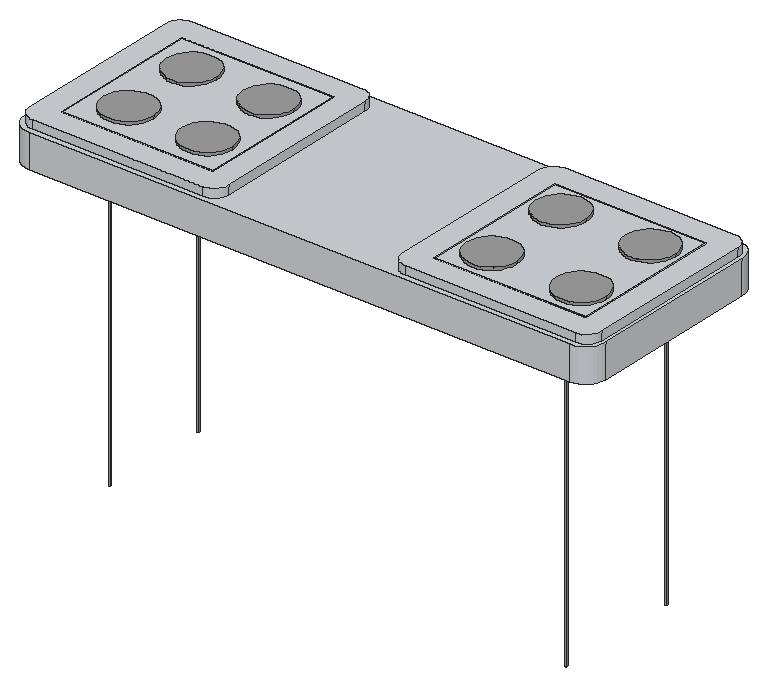
Revit family "Lighting-Industriale-GEWISS-SMART[4]ATEX_APPARECCHI-LED_2M", category Apparecchi per illuminazione, Revit 2019
Family settings
  Quota connettore circolare = Usa diametro
  Tipo di parte = Normale
  Numero OmniClass = 23.80.70.00
  Titolo OmniClass = Lighting
  Basato su piano di lavoro = Sì
  Sempre verticale = No
  Taglio con vuoti quando caricato = No
  Sorgente d'illuminazione = No
  Condiviso = No
  Punto di calcolo locali = No
Parameters (values of type "GWS4220FP857 - SMART4HB 2M S.AL.ON/OFF ATEX 90° 57K")
  Voltaggio = 230 V
  Viti esterne = "Acciaio inox"
  Versione file RFA = "20.11"
  Vano di alimentazione = "Integrato"
  URL = "https://www.gewiss.com/it/it"
  Tolleranza cromatica = "SDCM = 3"
  Tipologia sorgente luminosa = "LED - Non sostituibile"
  Tipo di installazione e montaggio = "Plafone - Parete - Sospensione"
  Tipo di apparecchio = "Riflettore industriale a LED&nbsp;"
  Tensione di alimentazione = "220 - 240 V"
  Temperatura di stoccaggio = "-40 +70 °C"
  Temperatura di esercizio = "+5°C / +40 °C"
  Temperatura di colore = "5700K"
  Superficie massima esposta al vento : = "0,184 m²"
  Spostamento_y_etichetta [instance] = 0 mm
  Spostamento_y_effettivo_etichetta [instance] = 1500 mm - Spostamento_y_etichetta  # 1500 mm
  Spostamento_x_etichetta [instance] = 0 mm
  Spostamento_X_effettivo_etichetta [instance] = 1500 mm - Spostamento_x_etichetta  # 1500 mm
  SostituibilitÃ  piastra di cablaggio = "Non sostituibile"
  SostituibilitÃ  gruppo ottico = "Non sostituibile"
  Sistema di controllo : = "ON / OFF"
  Sistema di controllo = "ON / OFF"
  Schermo = "Vetro Temprato Spessore 4mm"
  Scheda Tecnica = "https://www.gewiss.com/it/it/search?q=GWS4220FP857"
  Resistenza al filo incandescente = "850 °C"
  Resistenza agli urti = "IK08"
  Produttore = "GEWISS S.p.A."
  Potenza di sistema = "127W"
  Peso (kg): = "6"
  Ottica = "90°"
  Offset etichetta W [instance] = 150 mm
  Norma di riferimento = "EN 60079-0 ; EN 60079-15 ; EN 60079-31 ; EN 60598-1 ; EN 60598-2-1"
  Modello = "GWS4220FP857"
  Materiali = "-"
  Lumen output (lm) = "17800"
  Lampada = "LED"
  Installazione e manutenzione = "-"
  Informazioni generali = "-"
  Indice di resa cromatica = "CRI-80"
  Inclinazione = "Con accessorio staffa"
  Immagine tipo = GWL1311.jpg
  IPEA = "-"
  IFC.TypeObject = ""
  IFC.ExportType = ""
  IFC.ExportAs = ""
  IDT = "0d6e297dac254e5297fa9efea3c4f430"
  IDF = "cfdaf824-1d78-457b-9a03-8eff00a507e5"
  Guarnizioni = "tipo siliconico antinvecchiamento "
  Gruppo ottico = "Riflettore in PC metallizzato e lenti in PMMA"
  Grado di protezione = "IP66"
  Garanzia = "5 anni"
  Gancio di chiusura = "-"
  Frequenza nominale (Hz) = "50/60 Hz"
  Fissaggio = "-"
  Finitura colore = "Grigio RAL 7035"
  Etichetta wattaggio [instance] = yes
  Trasformatore = none
  Struttura plafoniera = none
  Spessore plafoniera = 40 mm  # constant formula
  Default Elevation = 1219.2 mm  # constant formula
  Proiettsmart2_simb [instance] = yes
  Plafoniera bidimensionale [instance] = not(Proiettsmart2_simb)  # no
  Efficienza luminosa (lm/W) = "140"
  Durata di vita = "L90B10 (Tq+25°C) = 100.000 h - L90B10 (Tq+40°C) = 50.000 h"
  Dispositivo di protezione = "DM 6 kV / CM 10 kV"
  Descrizione = "SMART[4]HB 2M S.AL.ON/OFF ATEX 90° 57K"
  Creato da GEWISS S.p.A. = ""
  Corpo = "PA6 “Halogen Free” caricato fibra vetro"
  Controllo abbagliamento e luminanza = "UGR - 25"
  Contesto = "Illuminazione di logistiche e locali produttivi industriali"
  Commenti sul wattaggio = "97W"
  Colore = "Grigio RAL 7035"
  Codice digitale univoco (Datamatrix) = "Datamatrix"
  Codice Electrocod = "2444"
  Classificazione: = "ATEX: II 3 G Ex nR IIC T6 Gc - II 3 D Ex tc IIIC T65°C Dc"
  Classificazione = Lighting
  Classe isolamento = "I"
  Classe fotobiologica = "RG0"
  Certificazioni e classificazioni = "-"
  Certificazione DIN 18032-3 = "-"
  Catalogo = "LIGHTING"
  Carico apparente = 97 VA
  Motore = none
  Mascherina = none
  Lunghezza = 699 mm  # constant formula
  Larghezza = 254 mm  # constant formula
  Distanza_tot_plafoniera [instance] = 350 mm
  Dist_sorg_lum = 10 mm  # constant formula
  Caratteristiche ottiche e illuminotecniche = "-"
  Caratteristiche elettriche e gestione della luce = "-"
  Cablaggio = "Cablaggio singolo con cavo antirespirazione che esce da PG metallico (NO Connettore) "
  COBie.Tagnumber = ""
  COBie.CreatedOn = ""
  COBie.CreatebBy = ""
  COBie.ComponentRegisterItemID = ""
  COBie.Component.TagNumber = ""
  COBie.Component.Space = ""
  COBie.Component.SerialNumber = ""
  COBie.Component.InstallationDate = ""
  COBie.Component.Description = ""
  COBie.Component.BarCode = ""
  Applicazione = "Interno"
  Apparecchio a ridotta temperatura superficiale = "Si"
  Alimentatore = "Incluso"
Types (8, lengths in mm): name | Temperatura di colore | Scheda Tecnica | Peso (kg): | Ottica | Modello | Lumen output (lm) | IDT | Gruppo ottico | Efficienza luminosa (lm/W) | Descrizione | Controllo abbagliamento e luminanza
  GWS4220FA840 - SMART4HB 2M S.AL.ON/OFF ATEX ARR.40K | "4000K" | "https://www.gewiss.com/it/it/search?q=GWS4220FA840" | "6,5" | "Array" | "GWS4220FA840" | "17500" | "145ae9b732644a54846114dde6aa17f9" | "Riflettore in PC metallizzato" | "138" | "SMART[4]HB 2M S.AL.ON/OFF ATEX ARR.40K" | "UGR - 25"
  GWS4220FA857 - SMART4HB 2M S.AL.ON/OFF ATEX ARR.57K | "5700K" | "https://www.gewiss.com/it/it/search?q=GWS4220FA857" | "6,5" | "Array" | "GWS4220FA857" | "17500" | "e5235ec4fe3448939d46966a2583f97f" | "Riflettore in PC metallizzato" | "138" | "SMART[4]HB 2M S.AL.ON/OFF ATEX ARR.57K" | "UGR - 25"
  GWS4220FC840 - SMART4HB 2M S.AL.ON/OFF ATEX ASI.40K | "4000K" | "https://www.gewiss.com/it/it/search?q=GWS4220FC840" | "7" | "Asimmetrica" | "GWS4220FC840" | "15700" | "7e8ded990f2a41f4b0e1b0ac37571580" | "Riflettore in PC metallizzato e lenti in PMMA" | "124" | "SMART[4]HB 2M S.AL.ON/OFF ATEX ASI.40K" | "-"
  GWS4220FC857 - SMART4HB 2M S.AL.ON/OFF ATEX ASI.57K | "5700K" | "https://www.gewiss.com/it/it/search?q=GWS4220FC857" | "7" | "Asimmetrica" | "GWS4220FC857" | "15700" | "639a12f64741412ca9550f041f1e20d1" | "Riflettore in PC metallizzato e lenti in PMMA" | "124" | "SMART[4]HB 2M S.AL.ON/OFF ATEX ASI.57K" | "-"
  GWS4220FH840 - SMART4HB 2M S.AL.ON/OFF ATEX 60° 40K | "4000K" | "https://www.gewiss.com/it/it/search?q=GWS4220FH840" | "7" | "60°" | "GWS4220FH840" | "17500" | "0d2a67f43f22488c90d0d8242e475d42" | "Riflettore in PC metallizzato e lenti in PMMA" | "138" | "SMART[4]HB 2M S.AL.ON/OFF ATEX 60° 40K" | "UGR - 22"
  GWS4220FH857 - SMART4HB 2M S.AL.ON/OFF ATEX 60° 57K | "5700K" | "https://www.gewiss.com/it/it/search?q=GWS4220FH857" | "6" | "60°" | "GWS4220FH857" | "17500" | "a87fe1652cc24f1abd0e0ce565a15b44" | "Riflettore in PC metallizzato e lenti in PMMA" | "138" | "SMART[4]HB 2M S.AL.ON/OFF ATEX 60° 57K" | "UGR - 22"
  GWS4220FP840 - SMART4HB 2M S.AL.ON/OFF ATEX 90° 40K | "4000K" | "https://www.gewiss.com/it/it/search?q=GWS4220FP840" | "6" | "90°" | "GWS4220FP840" | "17800" | "d30f2f1f99ef41cc93133917fc0a0454" | "Riflettore in PC metallizzato e lenti in PMMA" | "140" | "SMART[4]HB 2M S.AL.ON/OFF ATEX 90° 40K" | "UGR - 25"
  GWS4220FP857 - SMART4HB 2M S.AL.ON/OFF ATEX 90° 57K | "5700K" | "https://www.gewiss.com/it/it/search?q=GWS4220FP857" | "6" | "90°" | "GWS4220FP857" | "17800" | "0d6e297dac254e5297fa9efea3c4f430" | "Riflettore in PC metallizzato e lenti in PMMA" | "140" | "SMART[4]HB 2M S.AL.ON/OFF ATEX 90° 57K" | "UGR - 25"
Reference planes
  plane 1 "Asse sorgente illuminazione (F/B)": y = 0
  plane 2: z = 0
  plane 3 "Asse sorgente illuminazione (L/R)": x = 0
  plane 4 "Prospetto sorgente di illuminazione": z = 1500
  plane 5: x = -349.5
  plane 6: y = 127
  plane 7: x = 349.5
  plane 8: y = -127
  plane 9: x = 344.5
  plane 10: x = -344.5
  plane 11: x = -104.5
  plane 12: x = 104.5
  plane 13: y = -1500
  plane 14: z = 390
  plane 15: z = 390
  plane 16: z = 400
  plane 17: z = 350
  plane 18: y = 0
  plane 19: x = -1500
  plane 20: x = 0
Dimensions and locks
  equal spacing: plane 6, plane 1 "Asse sorgente illuminazione (F/B)", plane 8
  "Larghezza": plane 6 to plane 8
  equal spacing: plane 5, plane 3 "Asse sorgente illuminazione (L/R)", plane 7
  "Lunghezza": plane 5 to plane 7
  locked: plane 5 to plane 10 at 5
  locked: plane 9 to plane 7 at 5
  locked: plane 16 to plane 14 at 10
  locked: plane 15 to plane 17 at 40
  "Distanza_tot_plafoniera": plane 17 to plane 2
  plane 1 "Asse sorgente illuminazione (F/B)" to plane 13 = 1500 mm
  "Spostamento_y_effettivo_etichetta": plane 18 to plane 13
  plane 19 to plane 3 "Asse sorgente illuminazione (L/R)" = 1500 mm
  "Spostamento_X_effettivo_etichetta": plane 19 to plane 20
  aligned and locked: level to plane 2
  aligned and locked: nested 15 to plane 14
  aligned and locked: plane 14 to nested 16
  aligned and locked: plane 16 to nested 8
  aligned and locked: nested 6 to plane 16
  aligned and locked: plane 16 to nested 7
  aligned and locked: nested 5 to plane 16
  aligned and locked: nested 3 to plane 16
  aligned and locked: plane 16 to nested 1
  aligned and locked: nested 4 to plane 16
  aligned and locked: plane 16 to nested 2
  aligned and locked: nested 11 to plane 2  (x2)
  aligned and locked: nested 10 to plane 2
  aligned and locked: nested 9 to plane 2
  aligned and locked: plane 14 to plane 15
  aligned and locked: plane 17 to nested 14
  aligned and locked: nested 17 to plane 18
  aligned and locked: nested 17 to plane 20
  aligned and locked: plane 2 to nested 18
  aligned and locked: plane 2 to nested 11
Nested families
  nested 1: "Gewis - Led" at (171.717, 52, 403), type "Gewis - Led", detail levels medium+fine
  nested 2: "Gewis - Led" at (279.5, 52, 403), type "Gewis - Led", detail levels medium+fine
  nested 3: "Gewis - Led" at (171.717, -52, 403), type "Gewis - Led", detail levels medium+fine
  nested 4: "Gewis - Led" at (279.5, -52, 403), type "Gewis - Led", detail levels medium+fine
  nested 5: "Gewis - Led" at (-174.5, 45, 403) x (-1, 0, 0) z (0, 0, 1), type "Gewis - Led", detail levels medium+fine
  nested 6: "Gewis - Led" at (-269.5, 47.625, 403) x (-1, 0, 0) z (0, 0, 1), type "Gewis - Led", detail levels medium+fine
  nested 7: "Gewis - Led" at (-174.5, -47.089, 403) x (-1, 0, 0) z (0, 0, 1), type "Gewis - Led", detail levels medium+fine
  nested 8: "Gewis - Led" at (-269.5, -47.089, 403) x (-1, 0, 0) z (0, 0, 1), type "Gewis - Led", detail levels medium+fine
  nested 9: "Sospensione_ SMART LAB 4" at (274.838, 81.5, 0), Altezza sospensione <- "Distanza_tot_plafoniera", type "Sospensione_ SMART LAB 4"
    with Altezza sospensione 350 mm, Default Elevation 350 mm
  nested 10: "Sospensione_ SMART LAB 4" at (274.838, -69, 0), Altezza sospensione <- "Distanza_tot_plafoniera", type "Sospensione_ SMART LAB 4"
    with Altezza sospensione 350 mm, Default Elevation 350 mm
  nested 11: "Sospensione_ SMART LAB 4" at (-276.662, -66.5, 0), Altezza sospensione <- "Distanza_tot_plafoniera", type "Sospensione_ SMART LAB 4"
    with Altezza sospensione 350 mm, Default Elevation 350 mm
  nested 12: "PROIETTSMART - 2" at (0, 0, 0), visible <- "Proiettsmart2_simb", type "PROIETTSMART - 2"
  nested 13: "Rappr_ bidimensionale_SMART (4)  4 + 4 L " at (0, 0, 0), visible <- "Plafoniera bidimensionale", type "SMART (4)  4 + 4 L_bidimensionale "
  nested 14: "Struttura_SMART 4" at (0, 0, 390), type "SMART 4 HB - 4+4L"
  nested 15: "mascherina_SMART (4)" at (-224.5, 0, 400) x (-1, 0, 0) z (0, 0, 1), type "Maschera_smart (4) 4L", detail levels fine
  nested 16: "mascherina_SMART (4)" at (224.5, 0, 400), type "Maschera_smart (4) 4L", detail levels fine
  nested 17: "ETICHETTA LIGHT" at (0, 0, 0), type "ETICHETTA LIGHT"
  nested 18: "Sospensione_ SMART LAB 4" at (-276.662, 66.5, 0), Altezza sospensione <- "Distanza_tot_plafoniera", type "Sospensione_ SMART LAB 4"
    with Altezza sospensione 350 mm, Default Elevation 350 mm
Connectors
  electrical at (0.009, -0.098, 350), driven by "Carico apparente"
    settings: on nested 14, index 1, voltage 230 V, apparent load 0 VA, apparent load phase1 97 VA, apparent load phase2 0 VA, apparent load phase3 0 VA, power factor 1, load classification "Lighting", number of poles 2, system type 31, power factor state 1, is connector primary yes, connector utility no, sub classification motor no, connector description ""
Definition of nested family "Gewis - Led"
  Parameters (values of type "Gewis - Led")
    Vetro = none
    Raggio led = 30 mm
    Default Elevation = 1219.2 mm
    Estensione vetro = 3 mm
  Reference planes
    plane 1 "Centro (Fronte/Retro)": y = 0
    plane 2: z = 0
    plane 3 "Centro (Sinistra/Destra)": x = 0
  Forms (mm)
    Extrusion 1, solid, material <- "Vetro"
      sketch origin (0, 0, 0) x (1, 0, 0) y (0, 1, 0)
        loop
          circle (0, 0) r 30
      from -3 to 0
  Dimensions and locks
    "Estensione vetro": level to Extrusion 1
    "Raggio led": radius of Extrusion 1 sketch curve
    aligned and locked: level to plane 2
    aligned and locked: level to Extrusion 1
  Automatic sketch dimensions
    plane 1 "Centro (Fronte/Retro)" to Extrusion 1 sketch curve = 0 mm
    Extrusion 1 sketch curve to plane 3 "Centro (Sinistra/Destra)" = 0 mm
Definition of nested family "Sospensione_ SMART LAB 4"
  Parameters (values of type "Sospensione_ SMART LAB 4")
    Default Elevation = 400 mm
    Altezza sospensione [instance] = 500 mm
  Reference planes
    plane 1 "Center (Front/Back)": y = 0
    plane 2: z = 0
    plane 3 "Center (Left/Right)": x = 0
    plane 4: z = 500
    plane 5: z = 30.7
  Forms (mm)
    Extrusion 1, solid
      sketch origin (0, 0, 0) x (1, 0, 0) y (0, 1, 0)
        loop
          circle (0, -0.028) r 1.25
      from 0 to 500
  Lines and regions (mm)
    model lines, not visible
      curve 1: line (0, 0, 0) -> (0, 0, 9.482)
  Dimensions and locks
    "Altezza sospensione": plane 4 to level
    plane 2 to plane 4 = 500 mm
    aligned and locked: level to plane 2
    aligned and locked: Extrusion 1 to plane 2
    aligned and locked: plane 4 to Extrusion 1
  Automatic sketch dimensions
    Extrusion 1 sketch curve to plane 3 "Center (Left/Right)" = 0 mm
    plane 1 "Center (Front/Back)" to Extrusion 1 sketch curve = 0.028 mm
    curve 1 to plane 3 "Center (Left/Right)" = 0 mm
    curve 1 to level = 0 mm
    curve 1 to curve 1 = 9.482 mm
    radius of Extrusion 1 sketch curve = 1.25 mm
Definition of nested family "Struttura_SMART 4"
  Parameters (values of type "SMART 4 HB - 4+4L")
    Struttura plafoniera = none
    Spessore_plafoniera = 40 mm
    Lunghezza = 699 mm
    Larghezza = 254 mm
  Types (2, lengths in mm): name | Lunghezza | Larghezza
    SMART Lab (4) 4L | 383 | 253
    SMART 4 HB - 4+4L | 699 | 254
  Reference planes
    plane 1 "Asse sorgente illuminazione (F/B)": y = 0
    plane 2: z = 0
    plane 3 "Asse sorgente illuminazione (L/R)": x = 0
    plane 4 "Prospetto sorgente di illuminazione": z = -40
    plane 5 "SX": x = -349.5
    plane 6 "DX": x = 349.5
    plane 7 "DIETRO": y = 127
    plane 8 "AVANTI": y = -127
    plane 9: x = 106.5
    plane 10: x = 338.5
    plane 11: y = -116
    plane 12: y = 116
    plane 13: x = -338.5
    plane 14: x = -106.5
  Forms (mm)
    Extrusion 1, solid, material <- "Struttura plafoniera"
      sketch origin (0, 0, 0) x (1, 0, 0) y (0, 1, 0)
        loop
          line (349.5, -102.595) -> (349.5, 102.59)
          arc (349.5, 102.59) -> (342.35, 119.85) -> (325.09, 127) r 24.41
          line (325.09, 127) -> (-325.009, 127)
          arc (-325.009, 127) -> (-342.554, 119.6) -> (-349.5, 101.871) r 24.499
          line (-349.5, 101.871) -> (-349.5, -102.592)
          arc (-349.5, -102.592) -> (-342.351, -119.851) -> (-325.092, -127) r 24.408
          line (-325.092, -127) -> (325.117, -127)
          arc (325.117, -127) -> (342.334, -119.868) -> (349.465, -102.652) r 24.348
      from -40 to 0
  Dimensions and locks
    equal spacing: plane 5 "SX", plane 3 "Asse sorgente illuminazione (L/R)", plane 6 "DX"
    equal spacing: plane 7 "DIETRO", plane 1 "Asse sorgente illuminazione (F/B)", plane 8 "AVANTI"
    "Lunghezza": plane 5 "SX" to plane 6 "DX"
    "Larghezza": plane 7 "DIETRO" to plane 8 "AVANTI"
    locked: plane 7 "DIETRO" to plane 12 at 11
    locked: plane 11 to plane 8 "AVANTI" at 11
    locked: plane 10 to plane 6 "DX" at 11
    locked: plane 9 to plane 10 at 232
    plane 13 to plane 14 = 232 mm
    locked: plane 5 "SX" to plane 13 at 11
    "Spessore_plafoniera": plane 2 to plane 4 "Prospetto sorgente di illuminazione"
    aligned and locked: level to plane 2
    aligned and locked: Extrusion 1 to plane 5 "SX"
    aligned and locked: Extrusion 1 to plane 8 "AVANTI"  (x2)
    aligned and locked: plane 7 "DIETRO" to Extrusion 1
    aligned and locked: plane 6 "DX" to Extrusion 1
    aligned and locked: plane 4 "Prospetto sorgente di illuminazione" to Extrusion 1
    aligned and locked: plane 2 to Extrusion 1
  Automatic sketch dimensions
    Extrusion 1 sketch curve to plane 5 "SX" = 0 mm
    Extrusion 1 sketch curve to plane 8 "AVANTI" = 0 mm
    Extrusion 1 sketch curve to plane 7 "DIETRO" = 0 mm
    Extrusion 1 sketch curve to plane 6 "DX" = 0 mm
    plane 13 to Extrusion 1 sketch curve = 13.408 mm
    plane 13 to Extrusion 1 sketch curve = 13.491 mm
    Extrusion 1 sketch curve to plane 10 = 13.41 mm
    Extrusion 1 sketch curve to plane 10 = 13.383 mm
    plane 11 to Extrusion 1 sketch curve = 13.348 mm
    Extrusion 1 sketch curve to plane 12 = 14.129 mm
    Extrusion 1 sketch curve to Extrusion 1 sketch curve = 0.056 mm
Definition of nested family "mascherina_SMART (4)"
  Parameters (values of type "Maschera_smart (4) 4L")
    Spessore_mascherina = 10 mm
    Default Elevation = 1219.2 mm
    N.intarsi = (Lunghezza_mascherina - (Bordo * 2)) / 15 mm  # 12
    N._intarsi verticale = (Larghezza_mascherina - (Bordo * 2)) / 17 mm  # 11
    Mascherina = none
    Lunghezza_mascherina = 240 mm
    Larghezza_mascherina = 240 mm
    Distanza_intarsi v. = 41 mm  # constant formula
    Distanza_intarsi = 37 mm  # constant formula
    Bordo = 29 mm
  Reference planes
    plane 1 "Centro (Fronte/Retro)": y = 0
    plane 2: z = 0
    plane 3 "Centro (Sinistra/Destra)": x = 0
    plane 4: x = -120
    plane 5 "Dietro": y = 120
    plane 6: x = 120
    plane 7: y = -120
    plane 8: x = -91
    plane 9: y = -91
    plane 10: x = 91
    plane 11: y = 91
    plane 12: x = -83
    plane 13: y = 94.742
    plane 14: y = -95
    plane 15: z = -10
    plane 16: x = -95
    plane 17: y = 79
    plane 18: y = -79
    plane 19: x = 95
    plane 20: z = -4.799
  Forms (mm)
    Extrusion 1, solid, material <- "Mascherina"
      sketch origin (0, 0, 0) x (1, 0, 0) y (0, 1, 0)
        loop
          arc (-102.5, 120) -> (-114.874, 114.874) -> (-120, 102.5) r 17.5
          line (-120, 102.5) -> (-120, -102.5)
          arc (-120, -102.5) -> (-114.874, -114.874) -> (-102.5, -120) r 17.5
          line (-102.5, -120) -> (102.5, -120)
          arc (102.5, -120) -> (114.874, -114.874) -> (120, -102.5) r 17.5
          line (120, -102.5) -> (120, 102.5)
          arc (120, 102.5) -> (114.874, 114.874) -> (102.5, 120) r 17.5
          line (102.5, 120) -> (-102.5, 120)
        loop
          line (-91, 91) -> (-91, -91) -> (91, -91) -> (91, 91) -> (-91, 91)
      from -10 to 0
    Extrusion 2, solid, material <- "Mascherina"
      sketch origin (0, 0, 0) x (1, 0, 0) y (0, 1, 0)
        loop
          line (-91, 91) -> (-91, -91) -> (91, -91) -> (91, 91) -> (-91, 91)
      from -4.799 to 0
  Dimensions and locks
    equal spacing: plane 4, plane 3 "Centro (Sinistra/Destra)", plane 6
    "Lunghezza_mascherina": plane 4 to plane 6
    equal spacing: plane 5 "Dietro", plane 1 "Centro (Fronte/Retro)", plane 7
    "Larghezza_mascherina": plane 5 "Dietro" to plane 7
    "Bordo": plane 4 to plane 8
    "Bordo": plane 9 to plane 7
    "Bordo": plane 5 "Dietro" to plane 11
    "Bordo": plane 10 to plane 6
    "Distanza_intarsi": plane 4 to plane 12
    locked: plane 13 to plane 11 at 3.742
    "Spessore_mascherina": plane 2 to plane 15
    "Distanza_intarsi v.": plane 5 "Dietro" to plane 17
    "Distanza_intarsi v.": plane 18 to plane 7
    locked: plane 9 to plane 14 at 4
    locked: plane 16 to plane 8 at 4
    locked: plane 10 to plane 19 at 4
    locked: plane 2 to plane 20 at 4.799
    radius of Extrusion 1 sketch curve = 17.5 mm  (x4)
    aligned and locked: level to plane 2
    aligned and locked: plane 4 to Extrusion 1 sketch curve
    aligned and locked: plane 6 to Extrusion 1 sketch curve
    aligned and locked: Extrusion 1 sketch curve to plane 5 "Dietro"
    aligned and locked: Extrusion 1 sketch curve to plane 7
    aligned and locked: Extrusion 1 sketch curve to plane 11
    aligned and locked: plane 8 to Extrusion 1 sketch curve
    aligned and locked: plane 9 to Extrusion 1 sketch curve
    aligned and locked: Extrusion 1 sketch curve to plane 10
    aligned and locked: plane 2 to Extrusion 1
    aligned and locked: Extrusion 1 to plane 15
    aligned and locked: Extrusion 2 sketch curve to plane 10
    aligned and locked: plane 9 to Extrusion 2 sketch curve
    aligned and locked: plane 8 to Extrusion 2 sketch curve
    aligned and locked: Extrusion 2 sketch curve to plane 11
    aligned and locked: plane 2 to Extrusion 2
    aligned and locked: Extrusion 2 to plane 20
Definition of nested family "PROIETTSMART - 2"
  Reference planes
    plane 1 "Centro (Fronte/Retro)": y = 0
    plane 2: z = 0
    plane 3 "Centro (Sinistra/Destra)": x = 0
  Lines and regions (mm)
    model lines, in view "Livello rif."
      curve 1: line (87.132, -21.515, 0) -> (43.932, -0.008, 0)
      curve 2: line (43.932, -0.008, 0) -> (87.132, 21.758, 0)
      curve 3: line (87.132, 21.758, 0) -> (87.132, -21.515, 0)
      curve 4: line (43.932, 21.629, 0) -> (43.932, -21.645, 0)
      curve 5: line (43.932, -0.008, 0) -> (18.672, -0.008, 0)
      curve 6: line (87.132, 0.122, 0) -> (105.785, 0.122, 0)
      curve 7: line (128.701, 66.747, 0) -> (128.701, -66.747, 0)
      curve 8: line (128.701, -66.747, 0) -> (-131.299, -66.747, 0)
      curve 9: line (-131.299, -66.747, 0) -> (-131.299, 66.747, 0)
      curve 10: line (-131.299, 66.747, 0) -> (128.701, 66.747, 0)
      curve 11: line (12.311, 49.667, 0) -> (111.66, 49.667, 0)
      curve 12: line (111.66, 49.667, 0) -> (111.66, -49.683, 0)
      curve 13: line (111.66, -49.683, 0) -> (12.311, -49.683, 0)
      curve 14: line (12.311, -49.683, 0) -> (12.311, 49.667, 0)
      curve 15: line (-39.438, -21.515, 0) -> (-82.637, -0.008, 0)
      curve 16: line (-82.637, -0.008, 0) -> (-39.438, 21.758, 0)
      curve 17: line (-39.438, 21.758, 0) -> (-39.438, -21.515, 0)
      curve 18: line (-82.637, 21.629, 0) -> (-82.637, -21.645, 0)
      curve 19: line (-82.637, -0.008, 0) -> (-107.898, -0.008, 0)
      curve 20: line (-39.438, 0.122, 0) -> (-20.785, 0.122, 0)
      curve 21: line (-114.259, 49.667, 0) -> (-14.909, 49.667, 0)
      curve 22: line (-14.909, 49.667, 0) -> (-14.909, -49.683, 0)
      curve 23: line (-14.909, -49.683, 0) -> (-114.259, -49.683, 0)
      curve 24: line (-114.259, -49.683, 0) -> (-114.259, 49.667, 0)
Definition of nested family "Rappr_ bidimensionale_SMART (4)  4 + 4 L "
  Reference planes
    plane 1 "Centro (Fronte/Retro)": y = 0
    plane 2: z = 0
    plane 3 "Centro (Sinistra/Destra)": x = 0
  Lines and regions (mm)
    model lines, in view "Livello rif."
      curve 1: circle (175.602, 47.039, 0) r 28.619 normal (0, 0, 1)
      curve 2: circle (269.602, -46.961, 0) r 28.619 normal (0, 0, 1)
      curve 3: circle (175.602, -46.961, 0) r 28.619 normal (0, 0, 1)
      curve 4: circle (269.602, 47.039, 0) r 28.619 normal (0, 0, 1)
      curve 5: arc (103.203, -104.051, 0) -> (107.722, -114.924, 0) -> (118.601, -119.425, 0) r 15.398
      curve 6: arc (-118.547, -119.425, 0) -> (-107.659, -114.915, 0) -> (-103.149, -104.027, 0) r 15.398
      curve 7: arc (-103.149, 103.973, 0) -> (-107.668, 114.87, 0) -> (-118.571, 119.371, 0) r 15.398
      curve 8: arc (-326.571, 119.371, 0) -> (-337.453, 114.844, 0) -> (-341.945, 103.948, 0) r 15.398
      curve 9: arc (-341.945, -104.002, 0) -> (-337.444, -114.906, 0) -> (-326.547, -119.425, 0) r 15.398
      curve 10: arc (326.601, -119.425, 0) -> (337.498, -114.906, 0) -> (342, -104.002, 0) r 15.398
      curve 11: arc (342, 103.998, 0) -> (337.472, 114.878, 0) -> (326.577, 119.371, 0) r 15.398
      curve 12: arc (118.577, 119.371, 0) -> (107.713, 114.861, 0) -> (103.203, 103.997, 0) r 15.398
      curve 13: arc (-349.401, -104, 0) -> (-342.727, -120.168, 0) -> (-326.575, -126.881, 0) r 22.854
      curve 14: arc (-326.574, 126.827, 0) -> (-342.707, 120.133, 0) -> (-349.401, 104, 0) r 22.854
      curve 15: arc (349.455, 104, 0) -> (342.742, 120.152, 0) -> (326.574, 126.827, 0) r 22.854
      curve 16: arc (326.573, -126.881, 0) -> (342.761, -120.187, 0) -> (349.455, -104, 0) r 22.854
      curve 17: circle (-175.548, -47.093, 0) r 28.619 normal (0, 0, 1)
      curve 18: circle (-269.548, 46.907, 0) r 28.619 normal (0, 0, 1)
      curve 19: circle (-175.548, 46.907, 0) r 28.619 normal (0, 0, 1)
      curve 20: circle (-269.548, -47.093, 0) r 28.619 normal (0, 0, 1)
      curve 21: line (130.101, -92.527, 0) -> (130.101, 92.473, 0)
      curve 22: line (130.101, 92.473, 0) -> (315.101, 92.473, 0)
      curve 23: line (315.101, 92.473, 0) -> (315.101, -92.527, 0)
      curve 24: line (315.101, -92.527, 0) -> (130.101, -92.527, 0)
      curve 25: line (103.203, -104.051, 0) -> (103.203, 103.997, 0)
      curve 26: line (118.601, -119.425, 0) -> (326.601, -119.425, 0)
      curve 27: line (-326.547, -119.425, 0) -> (-118.547, -119.425, 0)
      curve 28: line (-103.149, -104.027, 0) -> (-103.149, 103.973, 0)
      curve 29: line (-326.571, 119.371, 0) -> (-118.571, 119.371, 0)
      curve 30: line (-341.945, -104.002, 0) -> (-341.945, 103.948, 0)
      curve 31: line (342, -104.002, 0) -> (342, 103.998, 0)
      curve 32: line (118.577, 119.371, 0) -> (326.577, 119.371, 0)
      curve 33: line (-349.401, -104, 0) -> (-349.401, 104, 0)
      curve 34: line (326.574, 126.827, 0) -> (-326.574, 126.827, 0)
      curve 35: line (349.455, -104, 0) -> (349.455, 104, 0)
      curve 36: line (326.573, -126.881, 0) -> (-326.575, -126.881, 0)
      curve 37: line (-130.047, -92.527, 0) -> (-315.047, -92.527, 0)
      curve 38: line (-315.047, -92.527, 0) -> (-315.047, 92.473, 0)
      curve 39: line (-315.047, 92.473, 0) -> (-130.047, 92.473, 0)
      curve 40: line (-130.047, 92.473, 0) -> (-130.047, -92.527, 0)
Definition of nested family "ETICHETTA LIGHT"
  Parameters (values of type "ETICHETTA LIGHT")
    COMMENTI = "236W"
  Reference planes
    plane 1: y = 0
    plane 2: x = 0
  Text (mm)
    label "COMMENTI" at (-0.057, 0.105, 0), shows "COMMENTI"
